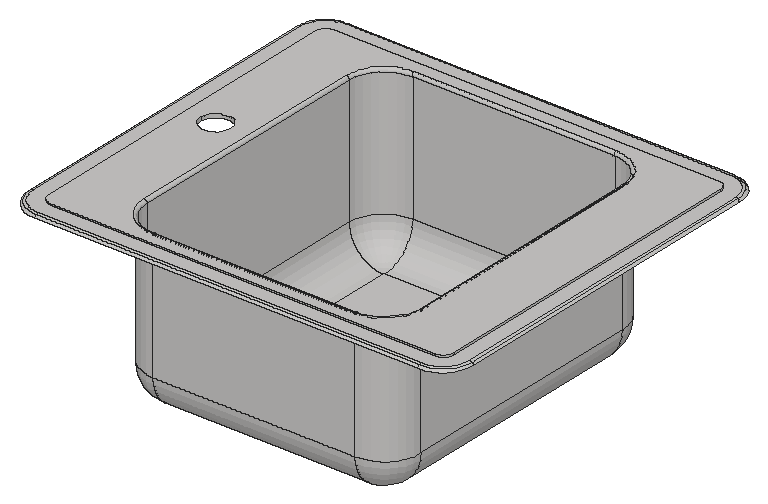
Revit family "Sink-Topmount-Acorn-CD-2220-80_Series", category Plumbing Fixtures, host Face, Revit 2019
Family settings
  Host = Face
  Round Connector Dimension = Use Diameter
  Part Type = Normal
  OmniClass Number = 23.45.05.14.14
  OmniClass Title = Sinks/Lavatories
  Cut with Voids When Loaded = No
  Shared = Yes
  Room Calculation Point = No
Parameters (values of type "CD-2220-80-1")
  Width = 22"  # constant formula
  Waste Connection = no
  WFU = 4  # constant formula
  Vent Connection = no
  URL = "https://www.acorneng.com/home"
  Type Comments = ""
  Slotted Hole Right Depth = 1"
  Slotted Hole Left Depth = 1"
  Bottom Faucet Hole Distance = 4"
  Right Bottom Faucet Hole Depth = 1"
  Product Page URL = ""
  Product Documentation Link = ""
  Model = "CD-2220-80-1"
  Material = "Stainless Steel-Acorn-Satin"  # constant formula
  Manufacturer = "Acorn"
  Length = 19 1/2"  # constant formula
  Top Faucet Hole Distance = 4"
  Right Top Faucet Hole Depth = 1"
  Left Top Faucet Hole Depth = 1"
  Left Central Faucet Hole Depth = 4"
  Left Bottom Faucet Hole Depth = 1"
  Installation Type = "Wall Mounted"
  Height = 8"
  HWFU = 3  # constant formula
  HW Connection = no
  Finish = Stainless Steel-Acorn-Satin
  Drain Opening Size = 3 1/2"
  Description = "Stainless Steel Drop In Sink"
  Default Elevation = 34"
  Creation Date = "23/12/2023"  # constant formula
  Compliance Certifications = "ASME A112.19.3/CSA B45.4, IAPMO® Certified"
  Right Central Faucet Hole Depth = 1"
  CWFU = 3  # constant formula
  CW Connection = no
  Bowl Width = 13 1/2"  # constant formula
  Bowl Length = 16"  # constant formula
  Assembly Code = "D2010440"
  -4DR 3 Holes on 4 Centers w/ Slotted Hole Right = no
  -4DL 3 Holes on 4 Centers w/ Slotted Hole Left = no
  -2DR Single Hole Centered w/ Slotted Hole Right = no
  -2DL Single Hole Centered w/ Slotted Hole Left = no
  -1 Single Hole Centered = yes
  -0 Blank, No Deck Punching = no
Types (7): name | Slotted Hole Right Depth | Slotted Hole Left Depth | Right Bottom Faucet Hole Depth | Model | Right Top Faucet Hole Depth | Left Top Faucet Hole Depth | Left Central Faucet Hole Depth | Left Bottom Faucet Hole Depth | Right Central Faucet Hole Depth | -4DR 3 Holes on 4 Centers w/ Slotted Hole Right | -4DL 3 Holes on 4 Centers w/ Slotted Hole Left | -2DR Single Hole Centered w/ Slotted Hole Right | -2DL Single Hole Centered w/ Slotted Hole Left | -1 Single Hole Centered | -0 Blank, No Deck Punching
  (no name) | 1" | 1" | 1" | "CD-2220-80-1" | 1" | 1" | 4" | 1" | 1" | no | no | no | no | yes | no
  CD-2220-80-0 | 1" | 1" | 1" | "CD-2220-80-0" | 1" | 1" | 1" | 1" | 1" | no | no | no | no | no | yes
  CD-2220-80-1 | 1" | 1" | 1" | "CD-2220-80-1" | 1" | 1" | 4" | 1" | 1" | no | no | no | no | yes | no
  CD-2220-80-2DL | 1" | 2" | 1" | "CD-2220-80-2DL" | 1" | 1" | 1" | 1" | 2" | no | no | no | yes | no | no
  CD-2220-80-2DR | 2" | 1" | 1" | "CD-2220-80-2DR" | 1" | 1" | 2" | 1" | 1" | no | no | yes | no | no | no
  CD-2220-80-4DL | 1" | 2" | 2" | "CD-2220-80-4DL" | 2" | 1" | 1" | 1" | 2" | no | yes | no | no | no | no
  CD-2220-80-4DR | 2" | 1" | 1" | "CD-2220-80-4DR" | 1" | 2" | 2" | 2" | 1" | yes | no | no | no | no | no
Reference planes (in)
  plane 1 "Center (Front/Back)": y = 0
  plane 2: z = 0
  plane 3 "Center (Left/Right)": x = 0
  plane 4: z = -8
  plane 5: z = 2
  plane 6: z = 1
  plane 7: z = 1
  plane 8: z = 1
  plane 9: x = -11
  plane 10: x = 11
  plane 11: y = -19.5
  plane 12: y = -9.53661
  plane 13: x = -6.75
  plane 14: x = 6.75
  plane 15: x = 8.5
  plane 16: y = -5.53661
  plane 17: y = -13.53661
  plane 18: y = -17.75
  plane 19: y = -1.75
  plane 20: x = -8.5
  plane 21: y = -16
  plane 22: z = 1
  plane 23: z = 1
  plane 24: z = 1
  plane 25: z = 1
  plane 26: z = -2
  plane 27: z = 1
  plane 28: z = 1
  plane 29: z = 1
Forms (in)
  Extrusion 1, solid, material "Stainless Steel-Acorn-Satin" <- "Finish"
    sketch origin (-18.57594, 1.04906, -3.09717) x (1, 0, 0) y (0, 1, 0)
      loop
        circle (18.57594, -10.58567) r 1.75
      loop
        arc (23.63836, -4.54906) -> (23.62008, -4.50492) -> (23.57594, -4.48664) r 0.06242
        line (23.57594, -4.48664) -> (13.57594, -4.48664)
        arc (13.57594, -4.48664) -> (13.53181, -4.50492) -> (13.51353, -4.54906) r 0.06242
        line (13.51353, -4.54906) -> (13.51353, -17.02449)
        arc (13.51353, -17.02449) -> (13.53181, -17.06862) -> (13.57594, -17.08691) r 0.06242
        line (13.57594, -17.08691) -> (23.57594, -17.08691)
        arc (23.57594, -17.08691) -> (23.62008, -17.06862) -> (23.63836, -17.02449) r 0.06242
        line (23.63836, -17.02449) -> (23.63836, -4.54906)
    from -4.90302 to -4.84052
  Sweep 2, solid, material "Stainless Steel-Acorn-Satin" <- "Finish"
    path origin (0, 0.25, 0) x (1, 0, 0) y (0, 1, 0)
      loop
        line (-6.75, -3.75) -> (-6.75, -16.22543)
        arc (-6.75, -16.22543) -> (-6.23744, -17.46287) -> (-5, -17.97543) r 1.75
        line (-5, -17.97543) -> (5, -17.97543)
        arc (5, -17.97543) -> (6.23744, -17.46287) -> (6.75, -16.22543) r 1.75
        line (6.75, -16.22543) -> (6.75, -3.75)
        arc (6.75, -3.75) -> (6.23744, -2.51256) -> (5, -2) r 1.75
        line (5, -2) -> (-5, -2)
        arc (-5, -2) -> (-6.23744, -2.51256) -> (-6.75, -3.75) r 1.75
    profile origin (-6.75, -9.73772, 0) x (1, 0, 0) y (0, 0, 1)
      loop
        line (-0.15271, 0.19073) -> (-0.21339, 0.19073) -> (-0.21339, 0.09375) -> (-0.11121, 0.09375)
        arc (-0.11121, 0.09375) -> (-0.07671, 0.07946) -> (-0.06242, 0.04495) r 0.0488
        line (-0.06242, 0.04495) -> (-0.06242, -6.25019)
        arc (-0.06242, -6.25019) -> (0.45015, -7.48762) -> (1.68758, -8.00019) r 1.75
        line (1.68758, -8.00019) -> (1.68758, -7.93769)
        arc (1.68758, -7.93769) -> (0.49434, -7.44343) -> (0.00008, -6.25019) r 1.6875
        line (0.00008, -6.25019) -> (0.00008, 0.03794)
        arc (0.00008, 0.03794) -> (-0.04467, 0.14598) -> (-0.15271, 0.19073) r 0.15279
  Extrusion 3, solid, material "Stainless Steel-Acorn-Satin" <- "Finish"
    sketch origin (0, 0.25, 0) x (1, 0, 0) y (0, 1, 0)
      loop
        arc (-9.5, -1.21613) -> (-9.86013, -1.3653) -> (-10.0093, -1.72543) r 0.5093
        line (-10.0093, -1.72543) -> (-10.0093, -18.22543)
        arc (-10.0093, -18.22543) -> (-9.86013, -18.58556) -> (-9.5, -18.73473) r 0.5093
        line (-9.5, -18.73473) -> (9.5, -18.73473)
        arc (9.5, -18.73473) -> (9.86013, -18.58556) -> (10.0093, -18.22543) r 0.5093
        line (10.0093, -18.22543) -> (10.0093, -1.72543)
        arc (10.0093, -1.72543) -> (9.86013, -1.3653) -> (9.5, -1.21613) r 0.5093
        line (9.5, -1.21613) -> (-9.5, -1.21613)
      loop
        arc (-5, -1.78661) -> (-6.38833, -2.36167) -> (-6.96339, -3.75) r 1.96339
        line (-6.96339, -3.75) -> (-6.96339, -16.22543)
        arc (-6.96339, -16.22543) -> (-6.38833, -17.61376) -> (-5, -18.18882) r 1.96339
        line (-5, -18.18882) -> (5, -18.18882)
        arc (5, -18.18882) -> (6.38833, -17.61376) -> (6.96339, -16.22543) r 1.96339
        line (6.96339, -16.22543) -> (6.96339, -3.75)
        arc (6.96339, -3.75) -> (6.38833, -2.36167) -> (5, -1.78661) r 1.96339
        line (5, -1.78661) -> (-5, -1.78661)
    from 0 to 0.19111
  Extrusion 4, void
    sketch origin (0, 0, 0) x (1, 0, 0) y (0, 1, 0)
      loop
        line (-11, -1.5) -> (-11, -17.97543)
        arc (-11, -17.97543) -> (-10.55346, -19.05346) -> (-9.47543, -19.5) r 1.52457
        line (-9.47543, -19.5) -> (9.47543, -19.5)
        arc (9.47543, -19.5) -> (10.55346, -19.05346) -> (11, -17.97543) r 1.52457
        line (11, -17.97543) -> (11, -1.47543)
        arc (11, -1.47543) -> (10.56786, -0.43214) -> (9.52457, 0) r 1.47543
        line (9.52457, 0) -> (-9.5, 0)
        arc (-9.5, 0) -> (-10.56066, -0.43934) -> (-11, -1.5) r 1.5
    from -21.11575 to 12
  Sweep 5, solid, material "Stainless Steel-Acorn-Satin" <- "Finish"
    path origin (0, 0, 0) x (1, 0, 0) y (0, 1, 0)
      loop
        arc (-9.52457, 0) -> (-10.56786, -0.43214) -> (-11, -1.47543) r 1.47543
        line (-11, -1.47543) -> (-11, -17.97543)
        arc (-11, -17.97543) -> (-10.55346, -19.05346) -> (-9.47543, -19.5) r 1.52457
        line (-9.47543, -19.5) -> (9.47543, -19.5)
        arc (9.47543, -19.5) -> (10.55346, -19.05346) -> (11, -17.97543) r 1.52457
        line (11, -17.97543) -> (11, -1.5)
        arc (11, -1.5) -> (10.56066, -0.43934) -> (9.5, 0) r 1.5
        line (9.5, 0) -> (-9.52457, 0)
    profile origin (-0.01228, 0, 0) x (0, 1, 0) y (0, 0, 1)
      loop
        line (0.00343, 0) -> (-0.1037, 0.08676)
        arc (-0.1037, 0.08676) -> (-0.15899, 0.11772) -> (-0.22144, 0.12845) r 0.18708
        line (-0.22144, 0.12845) -> (-0.9907, 0.12845) -> (-0.9907, 0) -> (0.00343, 0)
  Extrusion 6, void
    sketch origin (0, 0, 0) x (1, 0, 0) y (0, 1, 0)
      loop
        circle (-8.5, -16) r 0.75
    from 1 to 2
  Extrusion 7, void
    sketch origin (0, 0, 0) x (1, 0, 0) y (0, 1, 0)
      loop
        circle (8.5, -5.53661) r 0.75
    from 1 to 2
  Extrusion 8, void
    sketch origin (0, -2, 0) x (1, 0, 0) y (0, 1, 0)
      loop
        circle (8.5, -7.53661) r 0.75
    from 1 to 2
  Extrusion 9, void
    sketch origin (0, -4, 0) x (1, 0, 0) y (0, 1, 0)
      loop
        circle (8.5, -9.53661) r 0.75
    from 1 to 2
  Extrusion 10, void
    sketch origin (-17, 0, 0) x (1, 0, 0) y (0, 1, 0)
      loop
        circle (8.5, -5.53661) r 0.75
    from 1 to 2
  Extrusion 11, void
    sketch origin (-17, -2, 0) x (1, 0, 0) y (0, 1, 0)
      loop
        circle (8.5, -7.53661) r 0.75
    from -2 to 2
  Extrusion 12, void
    sketch origin (-17, -4, 0) x (1, 0, 0) y (0, 1, 0)
      loop
        circle (8.5, -9.53661) r 0.75
    from 1 to 2
  Extrusion 13, void
    sketch origin (0, 0, 0) x (-1, 0, 0) y (0, -1, 0)
      loop
        circle (-8.5, 16) r 0.75
    from 1 to 2
Cuts and joins
  Extrusion 6 cuts Sweep 5
  Extrusion 6, Extrusion 7, Extrusion 10, Extrusion 11, Extrusion 12, Extrusion 13 cuts Extrusion 1
  Extrusion 6, Extrusion 7, Extrusion 8, Extrusion 10, Extrusion 11, Extrusion 12, Extrusion 13 cuts Sweep 2
  Extrusion 6, Extrusion 7, Extrusion 8, Extrusion 9, Extrusion 10, Extrusion 11, Extrusion 12, Extrusion 13 cuts Extrusion 3
  joined: Extrusion 1, Sweep 2, Extrusion 3
Dimensions and locks (in)
  host face to plane 4 = 8"
  "Right Top Faucet Hole Depth": plane 5 to plane 6
  "Right Bottom Faucet Hole Depth": plane 5 to plane 8
  "Right Central Faucet Hole Depth": plane 5 to plane 7
  "Length": plane 11 to plane 1 "Center (Front/Back)"
  "Width": plane 9 to plane 10
  plane 13 to plane 3 "Center (Left/Right)" = 6 3/4"
  "Bowl Width": plane 13 to plane 14
  plane 14 to plane 15 = 1 3/4"
  "Top Faucet Hole Distance": plane 16 to plane 12
  "Bottom Faucet Hole Distance": plane 12 to plane 17
  locked: plane 18 to plane 11 at 1.75
  "Bowl Length": plane 19 to plane 18
  plane 20 to plane 13 = 1 3/4"  (x2)
  plane 21 to plane 18 = 1 3/4"
  plane 9 to plane 13 = 4 1/4"
  "Right Top Faucet Hole Depth": plane 5 to plane 22
  "Right Central Faucet Hole Depth": plane 5 to plane 23
  "Right Bottom Faucet Hole Depth": plane 5 to plane 24
  "Left Top Faucet Hole Depth": plane 5 to plane 25
  "Left Central Faucet Hole Depth": plane 5 to plane 26
  "Left Bottom Faucet Hole Depth": plane 5 to plane 27
  "Slotted Hole Right Depth": plane 5 to plane 29
  "Slotted Hole Left Depth": plane 5 to plane 28
  plane 12 to cut or joined group of Extrusion 1, Sweep 2, Extrusion 3, Extrusion 6, Extrusion 7, Extrusion 8, Extrusion 9, Extrusion 10, Extrusion 11, Extrusion 12, Extrusion 13 = 8"
  aligned and locked: host face to plane 2
  aligned and locked: host face to level
  aligned and locked: plane 20 to Extrusion 6 sketch curve
  aligned and locked: plane 21 to Extrusion 6 sketch curve
  aligned and locked: Sweep 2 sketch curve to plane 19
  aligned and locked: plane 15 to Extrusion 7 sketch curve
  aligned and locked: plane 16 to Extrusion 7 sketch curve
  aligned and locked: plane 5 to Extrusion 7
  aligned and locked: Extrusion 7 to plane 22
  aligned and locked: plane 12 to Extrusion 8 sketch curve
  aligned and locked: plane 15 to Extrusion 8 sketch curve
  aligned and locked: plane 17 to Extrusion 9 sketch curve
  aligned and locked: plane 15 to Extrusion 9 sketch curve
  aligned and locked: plane 23 to Extrusion 8
  aligned and locked: Extrusion 9 to plane 24
  aligned and locked: plane 5 to Extrusion 9
  aligned and locked: plane 5 to Extrusion 8
  aligned and locked: plane 15 to Extrusion 13 sketch curve
  aligned and locked: plane 21 to Extrusion 13 sketch curve
  aligned and locked: plane 5 to Extrusion 10
  aligned and locked: plane 5 to Extrusion 11
  aligned and locked: plane 5 to Extrusion 12
  aligned and locked: plane 5 to Extrusion 13
  aligned and locked: plane 5 to Extrusion 6
  aligned and locked: Extrusion 10 to plane 25
  aligned and locked: Extrusion 11 to plane 26
  aligned and locked: Extrusion 12 to plane 27
  aligned and locked: Extrusion 6 to plane 28
  aligned and locked: Extrusion 13 to plane 29
  aligned and locked: plane 16 to Extrusion 10 sketch curve
  aligned and locked: plane 20 to Extrusion 10 sketch curve
  aligned and locked: plane 12 to Extrusion 11 sketch curve
  aligned and locked: plane 20 to Extrusion 11 sketch curve
  aligned and locked: plane 17 to Extrusion 12 sketch curve
  aligned and locked: plane 20 to Extrusion 12 sketch curve
  aligned and locked: plane 12 to Extrusion 1 sketch curve
  aligned and locked: plane 3 "Center (Left/Right)" to Extrusion 1 sketch curve
Automatic sketch dimensions
  host sketch curve to host sketch curve = 161.60125"
  host sketch curve to host sketch curve = 96"
  plane 13 to Extrusion 1 sketch curve = 1 3/4"  (x2)
  plane 21 to Extrusion 1 sketch curve = 0.02457"  (x2)
  Extrusion 1 sketch curve to Extrusion 1 sketch curve = 0.06242"
  plane 14 to Extrusion 1 sketch curve = 1 3/4"  (x2)
  Extrusion 1 sketch curve to plane 19 = 1 3/4"
  Sweep 2 sketch curve to plane 13 = 0"
  Sweep 2 sketch curve to plane 14 = 0"
  plane 21 to Sweep 2 sketch curve = 0.02457"
  Sweep 2 sketch curve to Sweep 2 sketch curve = 1 3/4"
  plane 13 to Sweep 2 sketch curve = 1 3/4"
  plane 14 to Sweep 2 sketch curve = 1 3/4"  (x2)
  Sweep 2 sketch curve to Sweep 2 sketch curve = 0"  (x2)
  profile plane to Sweep 2 sketch curve = 0.21339"
  Sweep 2 sketch curve to Sweep 2 sketch curve = 0.06068"
  Sweep 2 sketch curve to Sweep 2 sketch curve = 0.0415"
  profile plane to Sweep 2 sketch curve = 0.06242"
  Sweep 2 sketch curve to profile plane = 0.00008"
  Sweep 2 sketch curve to Sweep 2 sketch curve = 1 11/16"
  Sweep 2 sketch curve to profile plane = 8.00019"
  profile plane to Sweep 2 sketch curve = 0.03794"
  Sweep 2 sketch curve to Sweep 2 sketch curve = 0.00701"
  plane 19 to Extrusion 3 sketch curve = 0.27457"  (x2)
  plane 9 to Extrusion 3 sketch curve = 0.9907"
  Extrusion 3 sketch curve to Extrusion 3 sketch curve = 0.5093"  (x2)
  Extrusion 3 sketch curve to plane 18 = 0.22543"  (x2)
  Extrusion 3 sketch curve to plane 13 = 0.21339"
  plane 21 to Extrusion 3 sketch curve = 0.02457"  (x2)
  plane 13 to Extrusion 3 sketch curve = 1 3/4"  (x2)
  plane 19 to Extrusion 3 sketch curve = 0.21339"
  plane 14 to Extrusion 3 sketch curve = 1 3/4"  (x2)
  plane 15 to Extrusion 3 sketch curve = 1"
  Extrusion 4 sketch curve to plane 9 = 0"
  plane 1 "Center (Front/Back)" to Extrusion 4 sketch curve = 0"
  Extrusion 4 sketch curve to plane 11 = 0"
  Extrusion 4 sketch curve to plane 10 = 0"
  plane 20 to Extrusion 4 sketch curve = 1"
  Extrusion 4 sketch curve to plane 18 = 0.22543"
  plane 15 to Extrusion 4 sketch curve = 0.97543"
  plane 19 to Extrusion 4 sketch curve = 0.27457"
  Sweep 5 sketch curve to plane 9 = 0"
  plane 1 "Center (Front/Back)" to Sweep 5 sketch curve = 0"
  Sweep 5 sketch curve to plane 11 = 0"
  Sweep 5 sketch curve to plane 10 = 0"
  plane 19 to Sweep 5 sketch curve = 0.27457"
  plane 20 to Sweep 5 sketch curve = 0.97543"
  Sweep 5 sketch curve to plane 18 = 0.22543"
  plane 19 to Sweep 5 sketch curve = 1/4"
  Sweep 5 sketch curve to level = 0"
  profile plane to Sweep 5 sketch curve = 0.9907"
  level to Sweep 5 sketch curve = 0.12845"
  profile plane to Sweep 5 sketch curve = 0.22144"
  level to Sweep 5 sketch curve = 0.08676"
  profile plane to Sweep 5 sketch curve = 0.1037"
  Sweep 5 sketch curve to profile plane = 0.00343"
  radius of Extrusion 1 sketch curve = 1 3/4"
  radius of Extrusion 6 sketch curve = 3/4"
  radius of Extrusion 7 sketch curve = 3/4"
  radius of Extrusion 8 sketch curve = 3/4"
  radius of Extrusion 9 sketch curve = 3/4"
  radius of Extrusion 10 sketch curve = 3/4"
  radius of Extrusion 11 sketch curve = 3/4"
  radius of Extrusion 12 sketch curve = 3/4"
  radius of Extrusion 13 sketch curve = 3/4"
